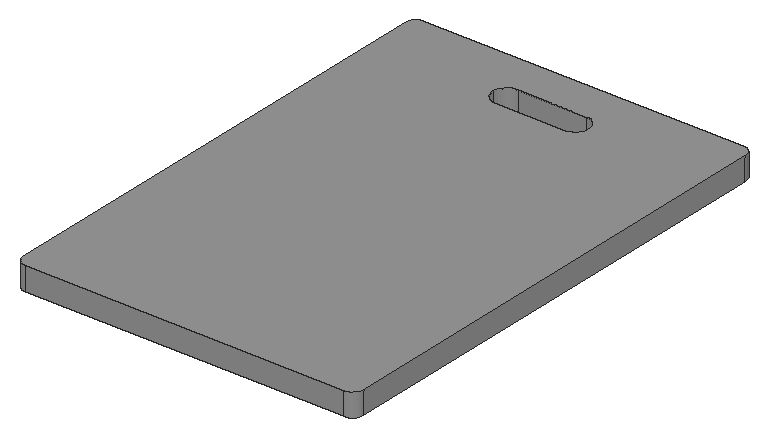
Revit family "ALMA-KACHPS88-Shan_Wooden_Chopping_Board", category Specialty Equipment, Revit 2026
Family settings
  Round Connector Dimension = Use Diameter
  Part Type = Normal
  Work Plane-Based = Yes
  Enable Cutting in Views = Yes
  Always vertical = Yes
  Cut with Voids When Loaded = No
  Maintain Annotation Orientation = No
  Shared = No
  Room Calculation Point = No
Parameters
  Width = 300 mm
  Thickness = 25 mm
  Material = BM_SAPELE WOOD
  Length = 440 mm
  Default Elevation = 1219.2 mm
Reference planes
  plane 1 "Center (Front/Back)": y = 0
  plane 2: z = 0
  plane 3 "Center (Left/Right)": x = 0
  plane 4: y = 220
  plane 5: y = -220
  plane 6: x = -150
  plane 7: x = 150
  plane 8: x = -135
  plane 9: x = 135
  plane 10: y = 195
  plane 11: y = -195
  plane 12: x = -42.5
  plane 13: x = 42.5
  plane 14: y = 185
  plane 15: y = 160
  plane 16: z = 25
  plane 17: z = 5
Forms (mm)
  Extrusion 1, solid, material "BM_SAPELE WOOD" <- "Material"
    sketch origin (0, 0, 0) x (1, 0, 0) y (0, 1, 0)
      loop
        arc (-125, 195) -> (-132.071, 192.071) -> (-135, 185) r 10
        line (-135, 185) -> (-135, -185)
        arc (-135, -185) -> (-132.071, -192.071) -> (-125, -195) r 10
        line (-125, -195) -> (125, -195)
        arc (125, -195) -> (132.071, -192.071) -> (135, -185) r 10
        line (135, -185) -> (135, 185)
        arc (135, 185) -> (132.071, 192.071) -> (125, 195) r 10
        line (125, 195) -> (-125, 195)
    from 0 to 5
  Extrusion 2, solid, material "BM_SAPELE WOOD" <- "Material"
    sketch origin (0, 0, 5) x (1, 0, 0) y (0, 1, 0)
      loop
        arc (-140, 220) -> (-147.071, 217.071) -> (-150, 210) r 10
        line (-150, 210) -> (-150, -210)
        arc (-150, -210) -> (-147.071, -217.071) -> (-140, -220) r 10
        line (-140, -220) -> (140, -220)
        arc (140, -220) -> (147.071, -217.071) -> (150, -210) r 10
        line (150, -210) -> (150, 210)
        arc (150, 210) -> (147.071, 217.071) -> (140, 220) r 10
        line (140, 220) -> (-140, 220)
    from 0 to 20
  Extrusion 3, void
    sketch origin (0, 0, 0) x (1, 0, 0) y (0, 1, 0)
      loop
        arc (-30, 185) -> (-38.839, 181.339) -> (-42.5, 172.5) r 12.5
        arc (-42.5, 172.5) -> (-38.839, 163.661) -> (-30, 160) r 12.5
        line (-30, 160) -> (30, 160)
        arc (30, 160) -> (38.839, 163.661) -> (42.5, 172.5) r 12.5
        arc (42.5, 172.5) -> (38.839, 181.339) -> (30, 185) r 12.5
        line (30, 185) -> (-30, 185)
    from 0 to 25
Cuts and joins
  Extrusion 3 cuts Extrusion 1
  Extrusion 3 cuts Extrusion 2
Text (mm)
  text "Refer to www.buildmat.com.au for the most current product literature. \nAllow a +/- 5mm tolerance for dimensions shown in the product literature. \nPlease note product details are subject to change due to ongoing product development." at (1.508, -455.228, 0), in view "Ref. Level"
Dimensions and locks
  "Width": plane 6 to plane 7
  plane 4 to plane 10 to plane 11 to plane 5 = 25 mm, 390 mm, 25 mm
  plane 6 to plane 8 to plane 9 to plane 7 = 15 mm, 270 mm, 15 mm
  plane 12 to plane 13 = 85 mm
  cut or joined group of Extrusion 2, Extrusion 3 to cut or joined group of Extrusion 2, Extrusion 3 = 25 mm
  "Thickness": plane 16 to plane 2
  plane 16 to plane 17 = 20 mm
  "Length": plane 4 to plane 5
  aligned and locked: level to plane 2
Automatic sketch dimensions
  Extrusion 1 sketch curve to plane 8 = 0 mm
  plane 11 to Extrusion 1 sketch curve = 0 mm
  Extrusion 1 sketch curve to plane 10 = 0 mm
  Extrusion 1 sketch curve to plane 14 = 0 mm  (x2)
  Extrusion 1 sketch curve to plane 9 = 0 mm
  plane 8 to Extrusion 1 sketch curve = 10 mm
  plane 9 to Extrusion 1 sketch curve = 10 mm
  Extrusion 1 to Extrusion 2 sketch curve = 15 mm  (x2)
  Extrusion 1 to Extrusion 2 sketch curve = 5 mm  (x4)
  Extrusion 2 sketch curve to Extrusion 2 sketch curve = 10 mm
  Extrusion 1 to Extrusion 2 sketch curve = 25 mm
  Extrusion 3 sketch curve to Extrusion 3 sketch curve = 0 mm  (x4)
  Extrusion 3 sketch curve to plane 12 = 0 mm  (x2)
  Extrusion 3 sketch curve to plane 15 = 0 mm
  Extrusion 3 sketch curve to plane 14 = 0 mm
  Extrusion 3 sketch curve to plane 13 = 0 mm  (x2)
